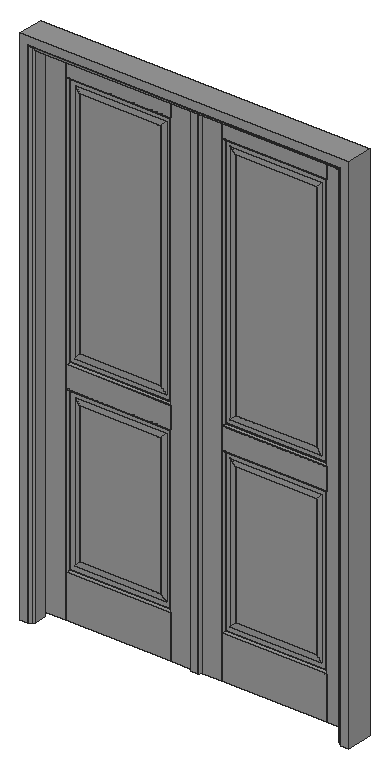
Revit family "I2P 610 ECONO", category Doors, host Wall, Revit 2013
Parameters (values of type "I2P 610 ECONO")
  Function = Interior
  Frame Projection Ext. = 25 mm
  Frame Projection Int. = 25 mm
  Frame Width = 75 mm
  Height = 2090 mm
  Wall Closure = By host
  Width = 1306 mm
Reference planes
  plane 1: y = 0
  plane 2 "Center (Left/Right)": x = 0
  plane 3 "Left": x = -653
  plane 4 "Right": x = 653
  plane 5: z = 2090
  plane 6 "Exterior": y = 75
  plane 7 "Interior": y = -75
Forms (mm)
  Sweep 1, solid, material "Lauan, Meranti"
    path origin (0, 75, 0) x (1, 0, 0) y (0, 0, 1)
      loop
        line (653, 0) -> (653, 2090) -> (-653, 2090) -> (-653, 0)
    profile "Van Acht 105x50 Door Frame Routed Profile (Heavy) : Van Acht 105x50 Door Frame Routed Profile (Heavy)" origin (653, 75, 1045) x (-1, 0, 0) y (0, -1, 0)
      loop
        line (0, 22.5) -> (38, 22.5) -> (38, 67.5) -> (50, 67.5) -> (50, 112.5)
        arc (50, 112.5) -> (44.957, 114.29) -> (42.17, 118.859) r 8
        line (42.17, 118.859) -> (39, 118.859)
        arc (39, 118.859) -> (35.311, 122.973) -> (30, 124.5) r 10
        line (30, 124.5) -> (30, 127.5) -> (0, 127.5) -> (0, 22.5)
  Extrusion 2, solid, material "Lauan, Meranti"
    sketch origin (0, 0, 0) x (1, 0, 0) y (0, 1, 0)
      loop
        line (-12, -2.5) -> (12, -2.5) -> (12, -0.5)
        arc (12, -0.5) -> (17.657, 1.843) -> (20, 7.5) r 8
        line (20, 7.5) -> (5, 7.5) -> (5, 39.5)
        spline (5, 39.5) -> (4.83, 42.088) -> (4.33, 44.5) -> (3.536, 46.571) -> (2.5, 48.16) -> (1.294, 49.159) -> (0, 49.5) -> (-1.294, 49.159) -> (-2.5, 48.16) -> (-3.536, 46.571) -> (-4.33, 44.5) -> (-4.83, 42.088) -> (-5, 39.5)
        line (-5, 39.5) -> (-5, 7.5) -> (-20, 7.5)
        arc (-20, 7.5) -> (-17.657, 1.843) -> (-12, -0.5) r 8
        line (-12, -0.5) -> (-12, -2.5)
    from 20 to 2040
  Extrusion 3, solid, material "Lauan, Meranti"
    sketch origin (0, 0, 1802) x (1, 0, 0) y (0, 1, 0)
      loop
        spline (5, 39.5) -> (4.83, 42.088) -> (4.33, 44.5) -> (3.536, 46.571) -> (2.5, 48.16) -> (1.294, 49.159) -> (0, 49.5) -> (-1.294, 49.159) -> (-2.5, 48.16) -> (-3.536, 46.571) -> (-4.33, 44.5) -> (-4.83, 42.088) -> (-5, 39.5)
        line (-5, 39.5) -> (-5, 7.5) -> (5, 7.5) -> (5, 39.5)
    from 238 to 250
  Extrusion 4, solid, material "Lauan, Meranti"
    sketch origin (208.5, -85, 0) x (0, 1, 0) y (0, 0, 1)
      loop
        line (132.5, 20) -> (132.5, 191) -> (130.5, 191)
        arc (130.5, 191) -> (128.866, 195.67) -> (124.5, 198) r 6.807
        line (124.5, 198) -> (124.5, 200) -> (122.5, 200) -> (122.5, 185) -> (102.5, 185) -> (102.5, 200) -> (100.5, 200) -> (100.5, 198)
        arc (100.5, 198) -> (96.134, 195.67) -> (94.5, 191) r 6.807
        line (94.5, 191) -> (92.5, 191) -> (92.5, 20) -> (132.5, 20)
      loop
        line (132.5, 844) -> (132.5, 931) -> (130.5, 931)
        arc (130.5, 931) -> (128.866, 935.67) -> (124.5, 938) r 6.807
        line (124.5, 938) -> (124.5, 940) -> (122.5, 940) -> (122.5, 925) -> (102.5, 925) -> (102.5, 940) -> (100.5, 940) -> (100.5, 938)
        arc (100.5, 938) -> (96.134, 935.67) -> (94.5, 931) r 6.807
        line (94.5, 931) -> (92.5, 931) -> (92.5, 844) -> (94.5, 844)
        arc (94.5, 844) -> (96.134, 839.33) -> (100.5, 837) r 6.807
        line (100.5, 837) -> (100.5, 835) -> (102.5, 835) -> (102.5, 850) -> (122.5, 850) -> (122.5, 835) -> (124.5, 835) -> (124.5, 837)
        arc (124.5, 837) -> (128.866, 839.33) -> (130.5, 844) r 6.807
        line (130.5, 844) -> (132.5, 844)
      loop
        line (130.5, 1956) -> (132.5, 1956) -> (132.5, 2052) -> (92.5, 2052) -> (92.5, 1956) -> (94.5, 1956)
        arc (94.5, 1956) -> (96.134, 1951.33) -> (100.5, 1949) r 6.807
        line (100.5, 1949) -> (100.5, 1947) -> (102.5, 1947) -> (102.5, 1962) -> (122.5, 1962) -> (122.5, 1947) -> (124.5, 1947) -> (124.5, 1949)
        arc (124.5, 1949) -> (128.866, 1951.33) -> (130.5, 1956) r 6.807
    from -107.5 to 310.5
  Extrusion 5, solid, material "Lauan, Meranti"
    sketch origin (208.5, 0, 0) x (1, 0, 0) y (0, 1, 0)
      loop
        line (-203.5, 47.5) -> (-203.5, 7.5) -> (-107.5, 7.5) -> (-107.5, 9.5)
        arc (-107.5, 9.5) -> (-102.765, 11.06) -> (-100.5, 15.5) r 6.549
        line (-100.5, 15.5) -> (-98.5, 15.5) -> (-98.5, 17.5) -> (-113.5, 17.5) -> (-113.5, 37.5) -> (-98.5, 37.5) -> (-98.5, 39.5) -> (-100.5, 39.5)
        arc (-100.5, 39.5) -> (-102.765, 43.94) -> (-107.5, 45.5) r 6.549
        line (-107.5, 45.5) -> (-107.5, 47.5) -> (-203.5, 47.5)
      loop
        line (406.5, 47.5) -> (310.5, 47.5) -> (310.5, 45.5)
        arc (310.5, 45.5) -> (305.765, 43.94) -> (303.5, 39.5) r 6.549
        line (303.5, 39.5) -> (301.5, 39.5) -> (301.5, 37.5) -> (316.5, 37.5) -> (316.5, 17.5) -> (301.5, 17.5) -> (301.5, 15.5) -> (303.5, 15.5)
        arc (303.5, 15.5) -> (305.765, 11.06) -> (310.5, 9.5) r 6.549
        line (310.5, 9.5) -> (310.5, 7.5) -> (406.5, 7.5) -> (406.5, 47.5)
    from 20 to 2052
  Sweep 6, solid, material "Lauan, Meranti"
    path origin (106.72, 75, 0) x (1, 0, 0) y (0, 0, 1)
      loop
        line (412.28, 844) -> (-5.72, 844) -> (-5.72, 191) -> (412.28, 191) -> (412.28, 844)
    profile origin (310, 75, 844) x (0, 0, -1) y (0, -1, 0)
      loop
        line (-4.5, 57.5) -> (-4.5, 37.5) -> (25.727, 37.5)
        arc (25.727, 37.5) -> (37.124, 37.25) -> (48.5, 36.5) r 259.807
        line (48.5, 36.5) -> (48.5, 58.5)
        arc (48.5, 58.5) -> (37.124, 57.75) -> (25.727, 57.5) r 259.807
        line (25.727, 57.5) -> (-4.5, 57.5)
  Extrusion 7, solid, material "Lauan, Meranti"
    sketch origin (106.72, 75, 0) x (1, 0, 0) y (0, 0, 1)
      loop
        line (363.78, 795.5) -> (42.78, 795.5) -> (42.78, 239.5) -> (363.78, 239.5) -> (363.78, 795.5)
    from 36.5 to 58.5
  Sweep 8, solid, material "Lauan, Meranti"
    path origin (106.72, 75, 740) x (1, 0, 0) y (0, 0, 1)
      loop
        line (412.28, 1216) -> (-5.72, 1216) -> (-5.72, 191) -> (412.28, 191) -> (412.28, 1216)
    profile origin (310, 75, 1956) x (0, 0, -1) y (0, -1, 0)
      loop
        line (-4.5, 57.5) -> (-4.5, 37.5) -> (25.727, 37.5)
        arc (25.727, 37.5) -> (37.124, 37.25) -> (48.5, 36.5) r 259.807
        line (48.5, 36.5) -> (48.5, 58.5)
        arc (48.5, 58.5) -> (37.124, 57.75) -> (25.727, 57.5) r 259.807
        line (25.727, 57.5) -> (-4.5, 57.5)
  Extrusion 9, solid, material "Lauan, Meranti"
    sketch origin (106.72, 75, 740) x (1, 0, 0) y (0, 0, 1)
      loop
        line (363.78, 1167.5) -> (42.78, 1167.5) -> (42.78, 239.5) -> (363.78, 239.5) -> (363.78, 1167.5)
    from 36.5 to 58.5
  Extrusion 10, solid, material "Lauan, Meranti"
    sketch origin (-411.5, -85, 0) x (0, 1, 0) y (0, 0, 1)
      loop
        line (132.5, 20) -> (132.5, 191) -> (130.5, 191)
        arc (130.5, 191) -> (128.866, 195.67) -> (124.5, 198) r 6.807
        line (124.5, 198) -> (124.5, 200) -> (122.5, 200) -> (122.5, 185) -> (102.5, 185) -> (102.5, 200) -> (100.5, 200) -> (100.5, 198)
        arc (100.5, 198) -> (96.134, 195.67) -> (94.5, 191) r 6.807
        line (94.5, 191) -> (92.5, 191) -> (92.5, 20) -> (132.5, 20)
      loop
        line (132.5, 844) -> (132.5, 931) -> (130.5, 931)
        arc (130.5, 931) -> (128.866, 935.67) -> (124.5, 938) r 6.807
        line (124.5, 938) -> (124.5, 940) -> (122.5, 940) -> (122.5, 925) -> (102.5, 925) -> (102.5, 940) -> (100.5, 940) -> (100.5, 938)
        arc (100.5, 938) -> (96.134, 935.67) -> (94.5, 931) r 6.807
        line (94.5, 931) -> (92.5, 931) -> (92.5, 844) -> (94.5, 844)
        arc (94.5, 844) -> (96.134, 839.33) -> (100.5, 837) r 6.807
        line (100.5, 837) -> (100.5, 835) -> (102.5, 835) -> (102.5, 850) -> (122.5, 850) -> (122.5, 835) -> (124.5, 835) -> (124.5, 837)
        arc (124.5, 837) -> (128.866, 839.33) -> (130.5, 844) r 6.807
        line (130.5, 844) -> (132.5, 844)
      loop
        line (130.5, 1956) -> (132.5, 1956) -> (132.5, 2052) -> (92.5, 2052) -> (92.5, 1956) -> (94.5, 1956)
        arc (94.5, 1956) -> (96.134, 1951.33) -> (100.5, 1949) r 6.807
        line (100.5, 1949) -> (100.5, 1947) -> (102.5, 1947) -> (102.5, 1962) -> (122.5, 1962) -> (122.5, 1947) -> (124.5, 1947) -> (124.5, 1949)
        arc (124.5, 1949) -> (128.866, 1951.33) -> (130.5, 1956) r 6.807
    from -107.5 to 310.5
  Extrusion 11, solid, material "Lauan, Meranti"
    sketch origin (-411.5, 0, 0) x (1, 0, 0) y (0, 1, 0)
      loop
        line (-203.5, 47.5) -> (-203.5, 7.5) -> (-107.5, 7.5) -> (-107.5, 9.5)
        arc (-107.5, 9.5) -> (-102.765, 11.06) -> (-100.5, 15.5) r 6.549
        line (-100.5, 15.5) -> (-98.5, 15.5) -> (-98.5, 17.5) -> (-113.5, 17.5) -> (-113.5, 37.5) -> (-98.5, 37.5) -> (-98.5, 39.5) -> (-100.5, 39.5)
        arc (-100.5, 39.5) -> (-102.765, 43.94) -> (-107.5, 45.5) r 6.549
        line (-107.5, 45.5) -> (-107.5, 47.5) -> (-203.5, 47.5)
      loop
        line (406.5, 47.5) -> (310.5, 47.5) -> (310.5, 45.5)
        arc (310.5, 45.5) -> (305.765, 43.94) -> (303.5, 39.5) r 6.549
        line (303.5, 39.5) -> (301.5, 39.5) -> (301.5, 37.5) -> (316.5, 37.5) -> (316.5, 17.5) -> (301.5, 17.5) -> (301.5, 15.5) -> (303.5, 15.5)
        arc (303.5, 15.5) -> (305.765, 11.06) -> (310.5, 9.5) r 6.549
        line (310.5, 9.5) -> (310.5, 7.5) -> (406.5, 7.5) -> (406.5, 47.5)
    from 20 to 2052
  Sweep 12, solid, material "Lauan, Meranti"
    path origin (-513.28, 75, 0) x (1, 0, 0) y (0, 0, 1)
      loop
        line (412.28, 844) -> (-5.72, 844) -> (-5.72, 191) -> (412.28, 191) -> (412.28, 844)
    profile origin (-310, 75, 844) x (0, 0, -1) y (0, -1, 0)
      loop
        line (-4.5, 57.5) -> (-4.5, 37.5) -> (25.727, 37.5)
        arc (25.727, 37.5) -> (37.124, 37.25) -> (48.5, 36.5) r 259.807
        line (48.5, 36.5) -> (48.5, 58.5)
        arc (48.5, 58.5) -> (37.124, 57.75) -> (25.727, 57.5) r 259.807
        line (25.727, 57.5) -> (-4.5, 57.5)
  Extrusion 13, solid, material "Lauan, Meranti"
    sketch origin (-513.28, 75, 0) x (1, 0, 0) y (0, 0, 1)
      loop
        line (363.78, 795.5) -> (42.78, 795.5) -> (42.78, 239.5) -> (363.78, 239.5) -> (363.78, 795.5)
    from 36.5 to 58.5
  Sweep 14, solid, material "Lauan, Meranti"
    path origin (-513.28, 75, 740) x (1, 0, 0) y (0, 0, 1)
      loop
        line (412.28, 1216) -> (-5.72, 1216) -> (-5.72, 191) -> (412.28, 191) -> (412.28, 1216)
    profile origin (-310, 75, 1956) x (0, 0, -1) y (0, -1, 0)
      loop
        line (-4.5, 57.5) -> (-4.5, 37.5) -> (25.727, 37.5)
        arc (25.727, 37.5) -> (37.124, 37.25) -> (48.5, 36.5) r 259.807
        line (48.5, 36.5) -> (48.5, 58.5)
        arc (48.5, 58.5) -> (37.124, 57.75) -> (25.727, 57.5) r 259.807
        line (25.727, 57.5) -> (-4.5, 57.5)
  Extrusion 15, solid, material "Lauan, Meranti"
    sketch origin (-513.28, 75, 740) x (1, 0, 0) y (0, 0, 1)
      loop
        line (363.78, 1167.5) -> (42.78, 1167.5) -> (42.78, 239.5) -> (363.78, 239.5) -> (363.78, 1167.5)
    from 36.5 to 58.5
Cuts and joins
  joined: Extrusion 2, Extrusion 3
Lines and regions (mm)
  Opening 1
    outline origin (-3050, -75, 0) x (1, 0, 0) y (0, 0, 1)
      loop
        line (2397, 0) -> (3703, 0) -> (3703, 2090) -> (2397, 2090) -> (2397, 0)
  symbolic lines, style "Elevation Swing"
    curve 1: line (0, -75, 1045) -> (-653, -75, 2090)
    curve 2: line (0, -75, 1045) -> (-653, -75, 0)
    curve 3: line (0, -75, 1045) -> (653, -75, 2090)
    curve 4: line (0, -75, 1045) -> (653, -75, 0)
  model lines
    curve 5: line (615, 52.5, 0) -> (615, 662.5, 0)
    curve 6: line (-615, 47.5, 0) -> (-615, 657.5, 0)
    curve 7: arc (-615, 657.5, 0) -> (-183.665, 478.835, 0) -> (-5, 47.5, 0) r 610
    curve 8: arc (615, 657.5, 0) -> (183.665, 478.835, 0) -> (5, 47.5, 0) r 610
Text (mm)
  text "Exterior" at (-2295.016, 1099.543, 0), in view "Ref. Level"
  text "Exterior" at (0, 1615.38, 3698.081), in view "Left"
  text "Exterior" at (0, 1036.032, 3874.932), in view "Right"
Dimensions and locks
  equal spacing: plane 3 "Left", plane 2 "Center (Left/Right)", plane 4 "Right"
  "Width": plane 3 "Left" to plane 4 "Right"
  "Height": plane 5 to host wall
  equal spacing: host wall, curve 2, plane 5
  host wall to plane 5 = 2090 mm
  locked: plane 6 "Exterior" to host wall at 0
  locked: plane 7 "Interior" to host wall
  plane 3 "Left" to plane 4 "Right" = 1306 mm  (x2)
  aligned and locked: plane 3 "Left" to Opening 1 sketch curve
  aligned and locked: plane 5 to Opening 1 sketch curve  (x2)
  aligned and locked: Opening 1 sketch curve to plane 4 "Right"
  aligned and locked: Opening 1 sketch curve to level
  aligned and locked: plane 5 to curve 1
  aligned and locked: plane 3 "Left" to curve 2
  aligned and locked: plane 1 to host wall
  aligned and locked: plane 3 "Left" to curve 1
Automatic sketch dimensions
  curve 2 to plane 2 "Center (Left/Right)" = 0 mm
  curve 2 to level = 0 mm
  plane 3 "Left" to Sweep 1 sketch curve = 0 mm
  plane 4 "Right" to Sweep 1 sketch curve = 0 mm
  Sweep 1 sketch curve to plane 5 = 0 mm
  Sweep 1 sketch curve to level = 0 mm  (x2)
  curve 4 to plane 2 "Center (Left/Right)" = 0 mm
  level to curve 4 = 1045 mm
  curve 4 to level = 0 mm
  plane 4 "Right" to curve 4 = 0 mm
  plane 4 "Right" to curve 3 = 0 mm
  curve 3 to plane 5 = 0 mm
  curve 6 to plane 3 "Left" = 38 mm
  host wall to curve 6 = 582.5 mm
  curve 7 to plane 2 "Center (Left/Right)" = 5 mm
  plane 2 "Center (Left/Right)" to curve 8 = 5 mm
  plane 4 "Right" to curve 8 = 38 mm
  curve 6 to curve 7 = 0 mm
  curve 8 to host wall = 27.5 mm
  curve 8 to curve 5 = 5 mm  (x2)
  Extrusion 2 sketch curve to host wall = 7.5 mm
  Extrusion 2 sketch curve to plane 2 "Center (Left/Right)" = 20 mm
  host wall to Extrusion 2 sketch curve = 2.5 mm
  Extrusion 2 sketch curve to plane 2 "Center (Left/Right)" = 0 mm
  host wall to Extrusion 2 sketch curve = 0.5 mm  (x2)
  Extrusion 2 sketch curve to Extrusion 2 sketch curve = 5 mm
  plane 2 "Center (Left/Right)" to Extrusion 2 sketch curve = 12 mm
  Extrusion 2 sketch curve to Extrusion 2 sketch curve = 8 mm
  Extrusion 2 sketch curve to Extrusion 2 sketch curve = 32 mm
  Extrusion 3 sketch curve to plane 2 "Center (Left/Right)" = 5 mm
  Extrusion 3 sketch curve to host wall = 7.5 mm
  Extrusion 3 sketch curve to plane 2 "Center (Left/Right)" = 0 mm
  Extrusion 3 sketch curve to Extrusion 3 sketch curve = 32 mm
  Extrusion 4 sketch curve to host wall = 7.5 mm  (x3)
  level to Extrusion 4 sketch curve = 20 mm
  Extrusion 4 sketch curve to Extrusion 4 sketch curve = 2 mm  (x22)
  Extrusion 4 sketch curve to Extrusion 4 sketch curve = 6 mm  (x12)
  Extrusion 4 sketch curve to Extrusion 4 sketch curve = 20 mm  (x4)
  Extrusion 4 sketch curve to host wall = 27.5 mm
  Extrusion 4 sketch curve to Extrusion 4 sketch curve = 1.197 mm  (x8)
  Extrusion 4 sketch curve to Extrusion 4 sketch curve = 165 mm
  Extrusion 4 sketch curve to Extrusion 4 sketch curve = 7 mm  (x8)
  Extrusion 4 sketch curve to Extrusion 4 sketch curve = 635 mm
  Extrusion 4 sketch curve to Extrusion 4 sketch curve = 0 mm  (x2)
  Extrusion 4 sketch curve to Extrusion 4 sketch curve = 6.241 mm  (x2)
  Extrusion 4 sketch curve to Extrusion 4 sketch curve = 75 mm
  plane 5 to Extrusion 4 sketch curve = 143 mm
  plane 5 to Extrusion 4 sketch curve = 38 mm
  plane 2 "Center (Left/Right)" to Extrusion 5 sketch curve = 5 mm
  Extrusion 5 sketch curve to host wall = 7.5 mm  (x2)
  Extrusion 5 sketch curve to host wall = 37.5 mm  (x2)
  Extrusion 5 sketch curve to Extrusion 5 sketch curve = 90 mm
  Extrusion 5 sketch curve to Extrusion 5 sketch curve = 6 mm  (x7)
  Extrusion 5 sketch curve to Extrusion 5 sketch curve = 7 mm  (x4)
  Extrusion 5 sketch curve to Extrusion 5 sketch curve = 2 mm  (x11)
  plane 4 "Right" to Extrusion 5 sketch curve = 143 mm
  Extrusion 5 sketch curve to Extrusion 5 sketch curve = 0 mm
  plane 4 "Right" to Extrusion 5 sketch curve = 38 mm
  Extrusion 5 sketch curve to Extrusion 5 sketch curve = 0.473 mm  (x2)
  Extrusion 5 sketch curve to Extrusion 5 sketch curve = 6.527 mm  (x2)
  Extrusion 5 sketch curve to Extrusion 5 sketch curve = 1.468 mm
  plane 2 "Center (Left/Right)" to Sweep 6 sketch curve = 101 mm
  level to Sweep 6 sketch curve = 191 mm
  plane 4 "Right" to Sweep 6 sketch curve = 134 mm
  Sweep 6 sketch curve to Sweep 6 sketch curve = 653 mm
  profile plane to Sweep 6 sketch curve = 4.5 mm
  profile plane to Sweep 6 sketch curve = 36.5 mm
  Sweep 6 sketch curve to profile plane = 25.727 mm
  Sweep 6 sketch curve to Sweep 6 sketch curve = 0 mm
  Sweep 6 sketch curve to Sweep 6 sketch curve = 22.773 mm
  profile plane to Sweep 6 sketch curve = 37.5 mm
  Sweep 6 sketch curve to Sweep 6 sketch curve = 20 mm
  Sweep 6 sketch curve to Sweep 6 sketch curve = 22 mm
  plane 2 "Center (Left/Right)" to Extrusion 7 sketch curve = 149.5 mm
  level to Extrusion 7 sketch curve = 239.5 mm
  plane 4 "Right" to Extrusion 7 sketch curve = 182.5 mm
  Extrusion 7 sketch curve to Extrusion 7 sketch curve = 556 mm
  plane 2 "Center (Left/Right)" to Sweep 8 sketch curve = 101 mm
  plane 4 "Right" to Sweep 8 sketch curve = 134 mm
  level to Sweep 8 sketch curve = 931 mm
  plane 5 to Sweep 8 sketch curve = 134 mm
  profile plane to Sweep 8 sketch curve = 4.5 mm
  profile plane to Sweep 8 sketch curve = 36.5 mm
  Sweep 8 sketch curve to profile plane = 25.727 mm
  Sweep 8 sketch curve to Sweep 8 sketch curve = 0 mm
  Sweep 8 sketch curve to Sweep 8 sketch curve = 22.773 mm
  profile plane to Sweep 8 sketch curve = 37.5 mm
  Sweep 8 sketch curve to Sweep 8 sketch curve = 20 mm
  Sweep 8 sketch curve to Sweep 8 sketch curve = 22 mm
  plane 2 "Center (Left/Right)" to Extrusion 9 sketch curve = 149.5 mm
  plane 4 "Right" to Extrusion 9 sketch curve = 182.5 mm
  level to Extrusion 9 sketch curve = 979.5 mm
  plane 5 to Extrusion 9 sketch curve = 182.5 mm
  Extrusion 10 sketch curve to host wall = 7.5 mm  (x3)
  level to Extrusion 10 sketch curve = 20 mm
  Extrusion 10 sketch curve to Extrusion 10 sketch curve = 2 mm  (x22)
  Extrusion 10 sketch curve to Extrusion 10 sketch curve = 6 mm  (x12)
  Extrusion 10 sketch curve to Extrusion 10 sketch curve = 20 mm  (x4)
  Extrusion 10 sketch curve to host wall = 27.5 mm
  Extrusion 10 sketch curve to Extrusion 10 sketch curve = 1.197 mm  (x8)
  Extrusion 10 sketch curve to Extrusion 10 sketch curve = 165 mm
  Extrusion 10 sketch curve to Extrusion 10 sketch curve = 7 mm  (x8)
  Extrusion 10 sketch curve to Extrusion 10 sketch curve = 635 mm
  Extrusion 10 sketch curve to Extrusion 10 sketch curve = 0 mm  (x2)
  Extrusion 10 sketch curve to Extrusion 10 sketch curve = 6.241 mm  (x2)
  Extrusion 10 sketch curve to Extrusion 10 sketch curve = 75 mm
  plane 5 to Extrusion 10 sketch curve = 143 mm
  plane 5 to Extrusion 10 sketch curve = 38 mm
  Extrusion 11 sketch curve to host wall = 7.5 mm  (x2)
  Extrusion 11 sketch curve to plane 3 "Left" = 38 mm
  Extrusion 11 sketch curve to host wall = 37.5 mm  (x2)
  Extrusion 11 sketch curve to Extrusion 11 sketch curve = 90 mm
  Extrusion 11 sketch curve to Extrusion 11 sketch curve = 6 mm  (x7)
  Extrusion 11 sketch curve to Extrusion 11 sketch curve = 7 mm  (x4)
  Extrusion 11 sketch curve to Extrusion 11 sketch curve = 2 mm  (x11)
  Extrusion 11 sketch curve to plane 2 "Center (Left/Right)" = 110 mm
  Extrusion 11 sketch curve to Extrusion 11 sketch curve = 0 mm
  Extrusion 11 sketch curve to plane 2 "Center (Left/Right)" = 5 mm
  Extrusion 11 sketch curve to Extrusion 11 sketch curve = 0.473 mm  (x2)
  Extrusion 11 sketch curve to Extrusion 11 sketch curve = 6.527 mm  (x2)
  Extrusion 11 sketch curve to Extrusion 11 sketch curve = 1.468 mm
  Sweep 12 sketch curve to plane 3 "Left" = 134 mm
  level to Sweep 12 sketch curve = 191 mm
  Sweep 12 sketch curve to plane 2 "Center (Left/Right)" = 101 mm
  Sweep 12 sketch curve to Sweep 12 sketch curve = 653 mm
  profile plane to Sweep 12 sketch curve = 4.5 mm
  profile plane to Sweep 12 sketch curve = 36.5 mm
  Sweep 12 sketch curve to profile plane = 25.727 mm
  Sweep 12 sketch curve to Sweep 12 sketch curve = 0 mm
  Sweep 12 sketch curve to Sweep 12 sketch curve = 22.773 mm
  profile plane to Sweep 12 sketch curve = 37.5 mm
  Sweep 12 sketch curve to Sweep 12 sketch curve = 20 mm
  Sweep 12 sketch curve to Sweep 12 sketch curve = 22 mm
  Extrusion 13 sketch curve to plane 3 "Left" = 182.5 mm
  level to Extrusion 13 sketch curve = 239.5 mm
  Extrusion 13 sketch curve to plane 2 "Center (Left/Right)" = 149.5 mm
  Extrusion 13 sketch curve to Extrusion 13 sketch curve = 556 mm
  Sweep 14 sketch curve to plane 3 "Left" = 134 mm
  Sweep 14 sketch curve to plane 2 "Center (Left/Right)" = 101 mm
  level to Sweep 14 sketch curve = 931 mm
  plane 5 to Sweep 14 sketch curve = 134 mm
  profile plane to Sweep 14 sketch curve = 4.5 mm
  profile plane to Sweep 14 sketch curve = 36.5 mm
  Sweep 14 sketch curve to profile plane = 25.727 mm
  Sweep 14 sketch curve to Sweep 14 sketch curve = 0 mm
  Sweep 14 sketch curve to Sweep 14 sketch curve = 22.773 mm
  profile plane to Sweep 14 sketch curve = 37.5 mm
  Sweep 14 sketch curve to Sweep 14 sketch curve = 20 mm
  Sweep 14 sketch curve to Sweep 14 sketch curve = 22 mm
  Extrusion 15 sketch curve to plane 3 "Left" = 182.5 mm
  Extrusion 15 sketch curve to plane 2 "Center (Left/Right)" = 149.5 mm
  level to Extrusion 15 sketch curve = 979.5 mm
  plane 5 to Extrusion 15 sketch curve = 182.5 mm
